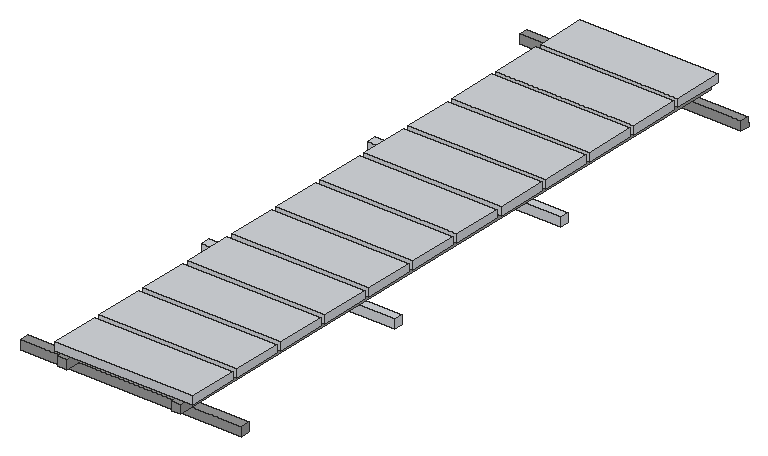
Revit family "Kee_Safety_KWM9_3M_STEPS_MODULE_0_TO_5_DEG", category Generic Models, host Face, Revit 2024
Family settings
  Host = Face
  Can host rebar = No
  Round Connector Dimension = Use Diameter
  Part Type = Normal
  Cut with Voids When Loaded = No
  Maintain Annotation Orientation = No
  Shared = No
  Room Calculation Point = No
Parameters
  Shipping Weight kg = "26"
  Product Range = "KeeWalk"
  Product Model Number = "WW709ASSY"
  Product Literature = "https://keesafety.co.uk/images/uploads/uk/documents/Kee_Walk_Brochure_1.pdf"
  Product Group = "KeeWalk"
  Product Family = "KeeWalk"
  Width = 1000 mm
  Overall Width = 620 mm
  Overall Length = 2983 mm
  Overall Height = 115 mm
  Material = Aluminum
  Manufacturer Website = "www.keesafety.co.uk"
  Manufacturer Country = "United Kingdom"
  Manufacturer = "Kee Safety"
  Location of Manufacturer = "Cradley Heath"
  Gross Weight kg = "26"
  Finish = "Annodized Aluminium"
  Features = "Modular Rooftop walkway to EN 516"
  Design Country = "United Kingdom"
  Description = "Kee Walk® System provides a safe, anti-slip, level walking surface for means of access to and across roofs. It provides a\r\ndemarcation route which protects the roof membrane from unnecessary foot traffic and potential damage. Pre-assembled\r\nin 3m unit. Hinged bracket at rear. Rotating Cam Arm at front – rotating angle 0⁰ to 5⁰."
  Default Elevation = 1219.2 mm
  Coverage Area = 3000.00 m²
  Colour = "Tread Black"
  CE Approval = yes
  Assembly Code = "KWM9"
  Annually = "Periodic inspections by a competent person are recommended by the manufacturer. In\r\nUK/Europe these are required under Regulation 5 of the Workplace (Health, Safety &\r\nWelfare) Regulations, the Work at Height Regulations and BS EN 365. The frequency will\r\ndepend upon the environment, location and usage but should be at least every 12 months.\r\nWalk and visually inspect the complete installed system in relation to the clients’ general\r\nneeds. Establish if any modifications and/or additional products are required to reflect\r\nany refurbishment requirements or additional plant & equipment which have been installed\r\nand require access.\r\nCheck installation configuration is complete as per the original installation drawing/plan.\r\nEnsure the system has not been modified or tampered with by unauthorised persons.\r\nCheck all Kee Walk are in place as per the original drawing. This is essential for longevity of\r\nthe roof.\r\nCheck all fixings are in place and correctly torqued.\r\nAny galvanised components showing signs of corrosion should be wire brushed thoroughly\r\nand galvanised spray/paint applied as appropriate. If rusted significantly, take digital\r\nphotographs and include these in the inspection report. All component and assembled\r\nparts should be kept clean, using detergent if necessary, by wiping down with a wet cloth\r\nor hosing with clean water, after which they should be wiped down with a dry cloth.\r\nWhere toe-boards are fitted check the brackets that support the toe-board are in place and\r\nsufficiently torqued.\r\nWhere applicable check fixings to walls/structures including cat ladder clamps are in place\r\nand sufficiently torqued.\r\nIf the Kee Walk becomes damaged in any, please arrange for inspection and any necessary\r\nrepair or component replacement.."
  Angle [instance] = 0.00°
Reference planes
  plane 1 "Center (Front/Back)": y = 0
  plane 2: z = 0
  plane 3 "Center (Left/Right)": x = 0
  plane 4: z = 81
  plane 5 "1": z = 75.213
  plane 6 "2": z = 73.792
  plane 7 "3": z = 57.713
  plane 8 "5": z = 41.568
  plane 9 "4": z = 56.945
  plane 10 "6": z = 40.402
Dimensions and locks
  level to plane 4 = 81 mm
  aligned and locked: plane 2 to host face
  aligned and locked: level to host face
  aligned and locked: plane 1 "Center (Front/Back)" to nested 1
Nested families
  nested 1: "KWM9 3M STEPS MODULE 0 TO 5 DEG" at (-272.5, 0, 0), type "KWM9 3M STEPS MODULE 0 TO 5 DEG"
Definition of nested family "KWM9 3M STEPS MODULE 0 TO 5 DEG"
  Parameters (values of type "KWM9 3M STEPS MODULE 0 TO 5 DEG")
    step length = 1040 mm
    part = yes
    full steps pitch = 2004 mm
    Step Material = none
    Step Angle = 5.00°
    Step Brck position = (step length / 2)  # 520 mm
    Railing Material = none
    Overall Length = 2983 mm
    Default Elevation = 1219.2 mm
    Base Material = none
  Reference planes
    plane 1 "Center (Front/Back)": y = 0
    plane 2: z = 0
    plane 3 "Center (Left/Right)": x = -47.5
    plane 4: y = 1491.5
    plane 5: y = -1491.5
    plane 6: z = 80
    plane 7: y = 489.5
    plane 8: x = 572.5
    plane 9: x = -15
    plane 10: z = 40
    plane 11: x = 25
    plane 12: x = -237.5
    plane 13: x = 262.5
    plane 14: x = 762.5
    plane 15: y = -1425.5
    plane 16: y = -1385.5
    plane 17: y = 1425.5
    plane 18: y = 1385.5
    plane 19: y = -20
    plane 20: y = 20
    plane 21 "Bottom Rail": z = 25
    plane 22: x = 540
    plane 23: x = 500
    plane 24: y = -512.5
    plane 25: y = 745.75
    plane 26: y = 0
    plane 27: y = -497.167
    plane 28: y = -745.75
    plane 29: y = -994.333
    plane 30: y = -1242.917
    plane 31: y = 1242.917
    plane 32: y = 248.583
    plane 33: y = 994.333
    plane 34: y = -248.583
    plane 35: y = 497.167
  Forms (mm)
    Extrusion 1, solid, not visible, detail levels fine
      sketch origin (64, 340.8, 0) x (1, 0, 0) y (0, 1, 0)
        loop
          line (-301.5, 1198.944) -> (-301.5, -1941.056) -> (698.5, -1941.056) -> (698.5, 1198.944) -> (-301.5, 1198.944)
      from 0 to -100
    Extrusion 2, solid, material <- "Base Material", detail levels fine
      sketch origin (145, 130, 0) x (1, 0, 0) y (0, 1, 0)
        loop
          line (-160, 1361.5) -> (-160, -1621.5) -> (-120, -1621.5) -> (-120, 1361.5) -> (-160, 1361.5)
      from 40 to 80
    Extrusion 3, solid, material <- "Base Material", detail levels fine
      sketch origin (0, 0, 0) x (1, 0, 0) y (0, 0, 1)
        loop
          line (-237.5, 40) -> (-237.5, 0) -> (762.5, 0) -> (762.5, 40) -> (-237.5, 40)
      from 1385.5 to 1425.5
    Extrusion 4, solid, material <- "Base Material", detail levels fine
      sketch origin (0, 0, 0) x (1, 0, 0) y (0, 0, 1)
        loop
          line (-237.5, 40) -> (-237.5, 0) -> (762.5, 0) -> (762.5, 40) -> (-237.5, 40)
      from -1425.5 to -1385.5
    Extrusion 5, solid, material <- "Base Material", detail levels fine
      sketch origin (340, 130, 0) x (-1, 0, 0) y (0, -1, 0)
        loop
          line (-200, -1361.5) -> (-160, -1361.5) -> (-160, 1621.5) -> (-200, 1621.5) -> (-200, -1361.5)
      from 40 to 80
    Extrusion 6, solid, detail levels medium
      sketch origin (0, 0, 0) x (1, 0, 0) y (0, 0, 1)
        loop
          line (-237.5, 0) -> (762.5, 0) -> (762.5, 40) -> (540, 40) -> (540, 80) -> (-15, 80) -> (-15, 40) -> (-237.5, 40) -> (-237.5, 0)
      from -1491.5 to 1491.5
    Extrusion 7, solid, detail levels coarse
      sketch origin (0, 0, 0) x (1, 0, 0) y (0, 0, 1)
        loop
          line (-237.5, 0) -> (762.5, 0) -> (762.5, 40) -> (572.5, 40) -> (572.5, 115) -> (-47.5, 115) -> (-47.5, 40) -> (-237.5, 40) -> (-237.5, 0)
      from -1491.5 to 1491.5
    Extrusion 8, solid, detail levels fine
      sketch origin (-47.5, 0, 0) x (0, 1, 0) y (0, 0, 1)
        loop
          line (488.5, 40) -> (448.5, 40) -> (448.5, 0) -> (488.5, 0) -> (488.5, 40)
        loop
          line (-448.5, 40) -> (-488.5, 40) -> (-488.5, 0) -> (-448.5, 0) -> (-448.5, 40)
      from -122 to 747
    Extrusion 9, solid, detail levels medium+fine
      sketch origin (-47.5, 0, 0) x (0, 1, 0) y (0, 0, 1)
        loop
          line (1491.5, 80) -> (1491.5, 115) -> (1266.5, 115) -> (1266.5, 80) -> (1491.5, 80)
      from 0 to 620
    Extrusion 10, solid, detail levels medium+fine
      sketch origin (-47.5, -248.583, 0) x (0, 1, 0) y (0, 0, 1)
        loop
          line (1491.5, 80) -> (1491.5, 115) -> (1266.5, 115) -> (1266.5, 80) -> (1491.5, 80)
      from 0 to 620
    Extrusion 11, solid, detail levels medium+fine
      sketch origin (-47.5, -497.167, 0) x (0, 1, 0) y (0, 0, 1)
        loop
          line (1491.5, 80) -> (1491.5, 115) -> (1266.5, 115) -> (1266.5, 80) -> (1491.5, 80)
      from 0 to 620
    Extrusion 12, solid, detail levels medium+fine
      sketch origin (-47.5, -745.75, 0) x (0, 1, 0) y (0, 0, 1)
        loop
          line (1491.5, 80) -> (1491.5, 115) -> (1266.5, 115) -> (1266.5, 80) -> (1491.5, 80)
      from 0 to 620
    Extrusion 13, solid, detail levels medium+fine
      sketch origin (-47.5, -994.333, 0) x (0, 1, 0) y (0, 0, 1)
        loop
          line (1491.5, 80) -> (1491.5, 115) -> (1266.5, 115) -> (1266.5, 80) -> (1491.5, 80)
      from 0 to 620
    Extrusion 14, solid, detail levels medium+fine
      sketch origin (-47.5, -1242.917, 0) x (0, 1, 0) y (0, 0, 1)
        loop
          line (1491.5, 80) -> (1491.5, 115) -> (1266.5, 115) -> (1266.5, 80) -> (1491.5, 80)
      from 0 to 620
    Extrusion 15, solid, detail levels medium+fine
      sketch origin (-47.5, -1491.5, 0) x (0, 1, 0) y (0, 0, 1)
        loop
          line (1491.5, 80) -> (1491.5, 115) -> (1266.5, 115) -> (1266.5, 80) -> (1491.5, 80)
      from 0 to 620
    Extrusion 16, solid, detail levels medium+fine
      sketch origin (-47.5, -1740.083, 0) x (0, 1, 0) y (0, 0, 1)
        loop
          line (1491.5, 80) -> (1491.5, 115) -> (1266.5, 115) -> (1266.5, 80) -> (1491.5, 80)
      from 0 to 620
    Extrusion 17, solid, detail levels medium+fine
      sketch origin (-47.5, -1988.667, 0) x (0, 1, 0) y (0, 0, 1)
        loop
          line (1491.5, 80) -> (1491.5, 115) -> (1266.5, 115) -> (1266.5, 80) -> (1491.5, 80)
      from 0 to 620
    Extrusion 18, solid, detail levels medium+fine
      sketch origin (-47.5, -2237.25, 0) x (0, 1, 0) y (0, 0, 1)
        loop
          line (1491.5, 80) -> (1491.5, 115) -> (1266.5, 115) -> (1266.5, 80) -> (1491.5, 80)
      from 0 to 620
    Extrusion 19, solid, detail levels medium+fine
      sketch origin (-47.5, -2485.833, 0) x (0, 1, 0) y (0, 0, 1)
        loop
          line (1491.5, 80) -> (1491.5, 115) -> (1266.5, 115) -> (1266.5, 80) -> (1491.5, 80)
      from 0 to 620
    Extrusion 20, solid, detail levels medium+fine
      sketch origin (-47.5, -2734.417, 0) x (0, 1, 0) y (0, 0, 1)
        loop
          line (1491.5, 80) -> (1491.5, 115) -> (1266.5, 115) -> (1266.5, 80) -> (1491.5, 80)
      from 0 to 620
  Dimensions and locks
    locked: plane 6 to level at 80
    locked: plane 6 to plane 10 at 40
    locked: plane 11 to plane 9 at 40
    equal spacing: plane 14, plane 13, plane 12
    locked: plane 15 to plane 5 at 66
    locked: plane 16 to plane 15 at 40
    locked: plane 18 to plane 17 at 40
    locked: plane 20 to plane 19 at 40
    plane 3 "Center (Left/Right)" to plane 9 = 32.5 mm
    locked: plane 23 to plane 22 at 40
    equal spacing: plane 4, plane 1 "Center (Front/Back)", plane 5
    locked: plane 4 to plane 17 at 66
    plane 20 to plane 1 "Center (Front/Back)" = 20 mm
    plane 8 to plane 13 to plane 3 "Center (Left/Right)" = 310 mm, 310 mm
    equal spacing: plane 23, plane 13, plane 11
    plane 23 to plane 11 = 475 mm
    "full steps pitch": plane 4 to plane 24
    equal spacing: plane 4, plane 7, plane 24
    plane 4 to plane 7 = 1002 mm
    "Overall Length": plane 4 to plane 5
    locked: Extrusion 8 sketch curve to Extrusion 8 sketch curve at 40  (x2)
    locked: Extrusion 8 sketch curve to Extrusion 3 at 897
    locked: Extrusion 4 to Extrusion 8 sketch curve at 897
    locked: Extrusion 9 sketch curve to Extrusion 6 at 35
    Extrusion 9 sketch curve to Extrusion 9 sketch curve = 225 mm
    equal spacing: plane 4, plane 31, plane 33, plane 25, plane 35, plane 32, plane 26, plane 34, plane 27, plane 28, plane 29, plane 30, plane 5
    plane 14 to plane 12 = 1000 mm
    plane 8 to plane 3 "Center (Left/Right)" = 620 mm
    Extrusion 10 sketch curve to Extrusion 10 sketch curve = 225 mm
    Extrusion 11 sketch curve to Extrusion 11 sketch curve = 225 mm
    equal spacing: group 2, group 3, group 4, group 5, group 6, group 7, group 8, group 9, group 10, group 11, group 12  (x2)
    equal spacing: group 12, group 11, group 10, group 9, group 8, group 7, group 6, group 5, group 4, group 3, group 2
    Extrusion 12 sketch curve to Extrusion 12 sketch curve = 225 mm
    Extrusion 13 sketch curve to Extrusion 13 sketch curve = 225 mm
    Extrusion 14 sketch curve to Extrusion 14 sketch curve = 225 mm
    Extrusion 15 sketch curve to Extrusion 15 sketch curve = 225 mm
    Extrusion 16 sketch curve to Extrusion 16 sketch curve = 225 mm
    Extrusion 17 sketch curve to Extrusion 17 sketch curve = 225 mm
    Extrusion 18 sketch curve to Extrusion 18 sketch curve = 225 mm
    Extrusion 19 sketch curve to Extrusion 19 sketch curve = 225 mm
    Extrusion 20 sketch curve to Extrusion 20 sketch curve = 225 mm
    aligned and locked: plane 2 to Extrusion 1
    aligned and locked: level to Extrusion 1
    aligned and locked: plane 6 to Extrusion 2
    aligned and locked: Extrusion 2 to plane 10
    aligned and locked: Extrusion 2 to plane 9
    aligned and locked: plane 11 to Extrusion 2
    aligned and locked: Extrusion 3 sketch curve to plane 10
    aligned and locked: plane 12 to Extrusion 3 sketch curve
    aligned and locked: level to Extrusion 3 sketch curve
    aligned and locked: Extrusion 3 sketch curve to plane 14
    aligned and locked: plane 15 to Extrusion 3
    aligned and locked: plane 16 to Extrusion 3
    aligned and locked: plane 17 to Extrusion 4
    aligned and locked: plane 18 to Extrusion 4
    aligned and locked: Extrusion 2 to plane 4
    aligned and locked: Extrusion 2 to Extrusion 3
    aligned and locked: plane 5 to Extrusion 2
    aligned and locked: Extrusion 1 sketch curve to plane 14
    aligned and locked: plane 12 to Extrusion 1 sketch curve
    aligned and locked: Extrusion 6 sketch curve to level
    aligned and locked: plane 14 to Extrusion 6 sketch curve
    aligned and locked: plane 10 to Extrusion 6 sketch curve  (x2)
    aligned and locked: plane 6 to Extrusion 6 sketch curve
    aligned and locked: Extrusion 6 sketch curve to plane 9
    aligned and locked: Extrusion 6 sketch curve to plane 12
    aligned and locked: Extrusion 7 sketch curve to plane 12
    aligned and locked: Extrusion 7 sketch curve to level
    aligned and locked: plane 14 to Extrusion 7 sketch curve
    aligned and locked: plane 8 to Extrusion 7 sketch curve
    aligned and locked: Extrusion 7 sketch curve to plane 3 "Center (Left/Right)"
    aligned and locked: Extrusion 6 to plane 4
    aligned and locked: plane 5 to Extrusion 6
    aligned and locked: plane 10 to Extrusion 8 sketch curve  (x2)
    aligned and locked: Extrusion 8 sketch curve to level
    aligned and locked: plane 4 to Extrusion 9 sketch curve
    aligned and locked: plane 8 to Extrusion 9
    aligned and locked: Extrusion 9 to plane 3 "Center (Left/Right)"
    aligned and locked: plane 5 to Extrusion 7
  Automatic sketch dimensions
    Extrusion 1 sketch curve to Extrusion 1 sketch curve = 3140 mm
    plane 5 to Extrusion 2 sketch curve = 0 mm
    Extrusion 2 sketch curve to plane 9 = 0 mm
    Extrusion 2 sketch curve to plane 11 = 0 mm
    plane 4 to Extrusion 2 sketch curve = 0 mm
    Extrusion 4 sketch curve to level = 0 mm
    Extrusion 4 sketch curve to plane 12 = 0 mm
    Extrusion 4 sketch curve to plane 14 = 0 mm
    Extrusion 4 sketch curve to plane 10 = 0 mm
    plane 5 to Extrusion 5 sketch curve = 0 mm
    Extrusion 5 sketch curve to plane 22 = 0 mm
    Extrusion 5 sketch curve to plane 23 = 0 mm
    plane 4 to Extrusion 5 sketch curve = 0 mm
    plane 22 to Extrusion 6 sketch curve = 0 mm
    Extrusion 7 sketch curve to plane 10 = 0 mm  (x2)
    plane 6 to Extrusion 7 sketch curve = 35 mm
    Extrusion 8 sketch curve to level = 0 mm
    Extrusion 8 sketch curve to plane 10 = 0 mm
    Extrusion 9 sketch curve to plane 6 = 0 mm
    Extrusion 10 sketch curve to Extrusion 10 sketch curve = 35 mm
    Extrusion 11 sketch curve to Extrusion 11 sketch curve = 35 mm
    Extrusion 12 sketch curve to Extrusion 12 sketch curve = 35 mm
    Extrusion 13 sketch curve to Extrusion 13 sketch curve = 35 mm
    Extrusion 14 sketch curve to Extrusion 14 sketch curve = 35 mm
    Extrusion 15 sketch curve to Extrusion 15 sketch curve = 35 mm
    Extrusion 16 sketch curve to Extrusion 16 sketch curve = 35 mm
    Extrusion 17 sketch curve to Extrusion 17 sketch curve = 35 mm
    Extrusion 18 sketch curve to Extrusion 18 sketch curve = 35 mm
    Extrusion 19 sketch curve to Extrusion 19 sketch curve = 35 mm
    Extrusion 20 sketch curve to Extrusion 20 sketch curve = 35 mm
